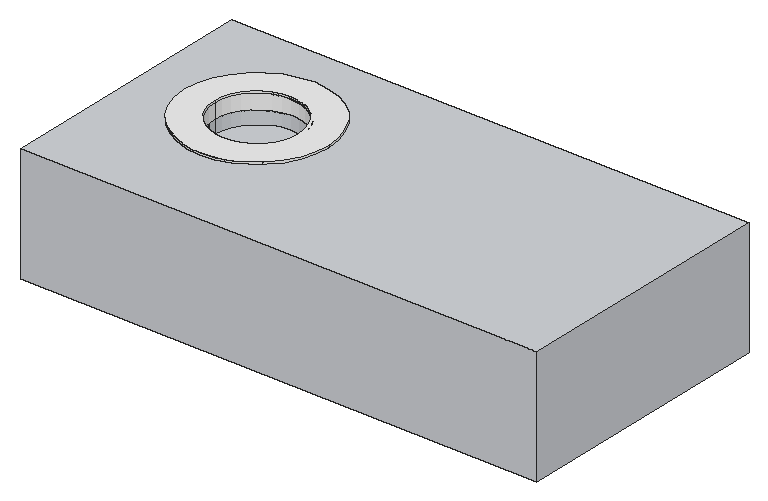
Revit family "Lighting-Recessed-Lucifer-2RA-Low Flux", category Lighting Fixtures, host Face, Revit 2017
Family settings
  Host = Face
  Round Connector Dimension = Use Diameter
  Part Type = Normal
  Cut with Voids When Loaded = No
  Light Source = Yes
  Shared = No
  Room Calculation Point = No
Parameters (values of type "2RA-Low Flux")
  Trim = 4.08"
  Housing Width = 7.50"
  Wattage = 9.2903 W
  built-in parameter 1150110 = 1 (stored number, unit not read)
  Voltage = 0 V
  URL = "https://www.luciferlighting.com/"
  built-in parameter 1114217 = 1 (stored number, unit not read)
  Tilt Angle = -90.00°
  built-in parameter 1150109 = 1 (stored number, unit not read)
  built-in parameter 1150134 = 3
  built-in parameter 1150113 = 1 (stored number, unit not read)
  Power Factor = 1
  Photometric Web File = "Load File"
  Number of Poles = 1
  built-in parameter 1150142 = (empty or 0)
  Model = "2RA Low Flux"
  Manufacturer = "Lucifer Lighting"
  built-in parameter 1150105 = 109.82 (stored number, unit not read)
  Lumens = 1380 lm
  built-in parameter 1150115 = 1 (stored number, unit not read)
  built-in parameter 1150137 = (empty or 0)
  built-in parameter 1150139 = (empty or 0)
  Housing Length = 14.70"
  built-in parameter 1150112 = 1 (stored number, unit not read)
  built-in parameter 1150114 = 1 (stored number, unit not read)
  Lamp = "LED"
  built-in parameter 1150132 = (empty or 0)
  built-in parameter 1150102 = (empty or 0)
  built-in parameter 1150107 = 3200 (stored number, unit not read)
  built-in parameter 1150138 = (empty or 0)
  built-in parameter 1150106 = 1.0982 (stored number, unit not read)
  Housing Height = 3.73"
  Emit from Circle Diameter = 2.40"
  Emit Shape Visible in Rendering = no
  built-in parameter 1150104 = 13.8 (stored number, unit not read)
  Dimming Lamp Color Temperature Shift = <None>
  Description = "Recessed Downlight Adjustable"
  Default Elevation = 48.00"
  Color Filter = 16777215
  built-in parameter 1114218 = 1 (stored number, unit not read)
  built-in parameter 1150133 = 10 (stored number, unit not read)
  Apparent Load = 0 VA
  Aperture Diameter = 2.40"
  Aperture Center Line = 3.73"
Reference planes (in)
  plane 1 "Center (Front/Back)": y = 0
  plane 2: z = 0
  plane 3 "Center (Left/Right)": x = 0
  plane 4: z = -3.73
  plane 5: x = -3.73
  plane 6: x = 10.97
  plane 7: y = 3.75
  plane 8: y = -3.75
  plane 9: x = -3.73
Forms (in)
  Extrusion 1, solid, material "Trim Finish"
    sketch origin (0, 0, 0) x (1, 0, 0) y (0, 1, 0)
      loop
        circle (0, 0) r 2.04
      loop
        circle (0, 0) r 1.2
    from 0 to 0.05232
  Extrusion 2, solid
    sketch origin (0, 0, 0) x (1, 0, 0) y (0, 1, 0)
      loop
        line (-3.73, 3.75) -> (-3.73, -3.75) -> (10.97, -3.75) -> (10.97, 3.75) -> (-3.73, 3.75)
    from -0.42004 to -3.73
  Extrusion 3, void
    sketch origin (0, 0, 0) x (1, 0, 0) y (0, 1, 0)
      loop
        circle (0, 0) r 1.2
    from -0.79765 to 0.05232
  Extrusion 4, solid, material "Housing"
    sketch origin (0, 0, 0) x (1, 0, 0) y (0, 1, 0)
      loop
        circle (0, 0) r 1.2
      loop
        circle (0, 0) r 1.25
    from -0.79765 to 0
Cuts and joins
  Extrusion 3 cuts Extrusion 1
  Extrusion 3 cuts Extrusion 2
Dimensions and locks (in)
  "Housing Height": host face to plane 4
  "Housing Length": plane 5 to plane 6
  "Housing Width": plane 7 to plane 8
  equal spacing: plane 7, plane 1 "Center (Front/Back)", plane 8
  "Aperture Center Line": plane 9 to plane 3 "Center (Left/Right)"
  "Aperture Diameter": diameter of Extrusion 1 sketch curve
  "Trim": diameter of Extrusion 1 sketch curve
  aligned and locked: plane 2 to host face
  aligned and locked: level to host face
  aligned and locked: Extrusion 2 sketch curve to plane 7
  aligned and locked: plane 5 to Extrusion 2 sketch curve
  aligned and locked: Extrusion 2 sketch curve to plane 6
  aligned and locked: plane 8 to Extrusion 2 sketch curve
  aligned and locked: Extrusion 2 to plane 4
  aligned and locked: Extrusion 4 to cut or joined group of Extrusion 2, Extrusion 3
  aligned and locked: level to Extrusion 4
Automatic sketch dimensions
  host sketch curve to host sketch curve = 96.00"  (x2)
  plane 1 "Center (Front/Back)" to Extrusion 3 sketch curve = 0.00"
  Extrusion 3 sketch curve to plane 3 "Center (Left/Right)" = 0.00"
  Extrusion 4 sketch curve to Extrusion 4 sketch curve = 0.00"  (x2)
  plane 1 "Center (Front/Back)" to Extrusion 4 sketch curve = 0.00"
  Extrusion 4 sketch curve to plane 3 "Center (Left/Right)" = 0.00"
  Extrusion 1 sketch curve to Extrusion 1 sketch curve = 0.00"  (x2)
  plane 1 "Center (Front/Back)" to Extrusion 1 sketch curve = 0.00"
  Extrusion 1 sketch curve to plane 3 "Center (Left/Right)" = 0.00"
  radius of Extrusion 3 sketch curve = 1.20"
  radius of Extrusion 4 sketch curve = 1.20"
  radius of Extrusion 4 sketch curve = 1.25"
Connectors (in)
  electrical at (3.62, 0, -3.73), driven by "Number of Poles", driven by "Voltage", driven by "Apparent Load", driven by "Power Factor"
    settings: on cut or joined group of Extrusion 2, Extrusion 3, index 1, voltage 0 V, apparent load 0 VA, apparent load phase1 0 VA, apparent load phase2 0 VA, apparent load phase3 0 VA, power factor 1, load classification "Other", number of poles 1, system type 31, power factor state 1, is connector primary yes, connector utility no, sub classification motor no, connector description ""
